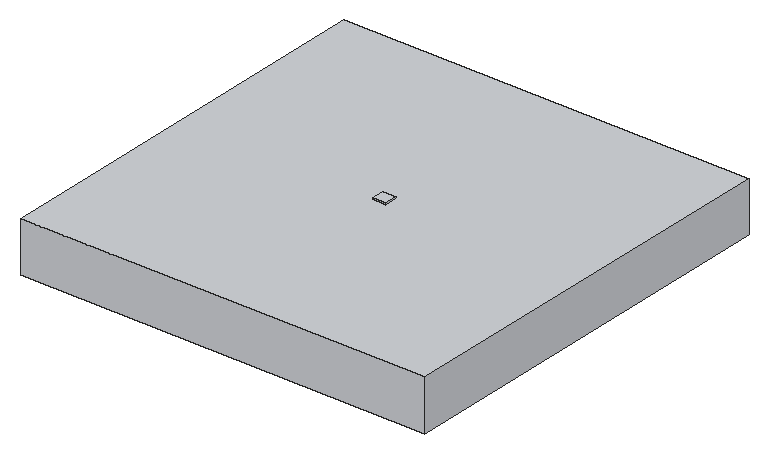
Revit family "XXX_FMI_BMA-Bedienfelder", category Brandmeldegeräte, Revit 2014
Parameters (values of type "Freischaltelement")
  Rechteck = yes
  Material = none
  Default Elevation = 0 mm
  Beschriftung = "FSE"
Types (3, lengths in mm): name | Beschriftung
  Freischaltelement | "FSE"
  Brandmeldezentrale | "BMZ"
  Abgesetztes Anzeigetableau | "BMA"
Reference planes
  plane 1 "Mitte (Vorne/Hinten)": y = 0
  plane 2: z = 0
  plane 3 "Mitte (Links/Rechts)": x = 0
  plane 4: z = 7
  plane 5: z = -65
  plane 6: x = -40
  plane 7: x = 40
  plane 8: y = 40
  plane 9: y = -40
Forms (mm)
  Extrusion 1, solid
    sketch origin (0, 0, 0) x (1, 0, 0) y (0, 1, 0)
      loop
        line (-1219.2, 1219.2) -> (-1219.2, -1219.2) -> (1219.2, -1219.2) -> (1219.2, 1219.2) -> (-1219.2, 1219.2)
    from 0 to -304.8
  Extrusion 2, solid, material <- "Material"
    sketch origin (0, 0, 0) x (1, 0, 0) y (0, 1, 0)
      loop
        line (-40, 40) -> (-40, -40) -> (40, -40) -> (40, 40) -> (-40, 40)
    from 0 to 7
Lines and regions (mm)
  symbolic lines, detail levels fine
    curve 1: line (-40, 0, 7) -> (40, 0, 7)
    curve 2: line (-40, 0, 0) -> (-40, 0, 7)
    curve 3: line (40, 0, 0) -> (-40, 0, 0)
    curve 4: line (40, 0, 7) -> (40, 0, 0)
    curve 5: line (-35, 0, -65) -> (-35, 0, 0)
    curve 6: line (35, 0, -65) -> (-35, 0, -65)
    curve 7: line (35, 0, 0) -> (35, 0, -65)
Dimensions and locks
  locked: plane 4 to plane 2 at 7
  plane 2 to plane 5 = 65 mm
  equal spacing: plane 6, plane 3 "Mitte (Links/Rechts)", plane 7
  plane 6 to plane 7 = 80 mm
  equal spacing: plane 8, plane 1 "Mitte (Vorne/Hinten)", plane 9
  plane 8 to plane 9 = 80 mm
  aligned and locked: plane 2 to Extrusion 1
  aligned and locked: level to Extrusion 1
  aligned and locked: Extrusion 2 sketch curve to plane 8
  aligned and locked: plane 6 to Extrusion 2 sketch curve
  aligned and locked: plane 9 to Extrusion 2 sketch curve
  aligned and locked: Extrusion 2 sketch curve to plane 7
  aligned and locked: Extrusion 2 to plane 2
  aligned and locked: plane 4 to Extrusion 2
  aligned and locked: plane 2 to curve 3
  aligned and locked: curve 1 to plane 4
  aligned and locked: curve 4 to plane 7
  aligned and locked: plane 6 to curve 2
  aligned and locked: plane 2 to curve 7
  aligned and locked: plane 5 to curve 6
Automatic sketch dimensions
  Extrusion 1 sketch curve to Extrusion 1 sketch curve = 2438.4 mm  (x2)
  plane 6 to curve 5 = 5 mm
  curve 7 to plane 7 = 5 mm
Nested families
  nested 1: "BMA Rechteck Beschriftung" at (-0.201, 0, 0), visible <- "Rechteck", type "RJ45-Datendose Beschriftung"
Connectors
  electrical at (0, 0, 0)
    settings: index 1, voltage 0 V, apparent load 0 VA, apparent load phase1 0 VA, apparent load phase2 0 VA, apparent load phase3 0 VA, power factor 1, load classification "Sonstige", number of poles 1, system type 11, power factor state 1, is connector primary yes, connector utility yes, sub classification motor no, connector description ""
Definition of nested family "BMA Rechteck Beschriftung"
  Parameters (values of type "BMA Beschriftung")
    Beschriftung = "RAZ"
  Reference planes
    plane 1: y = 0
    plane 2: x = 0
  Lines and regions (mm)
    detail lines, style "FMI_Brandmeldegeraete"
      curve 1: line (-3.5, -2, 0) -> (3.5, -2, 0)
      curve 2: line (-3.5, 2, 0) -> (-3.5, -2, 0)
      curve 3: line (3.5, 2, 0) -> (-3.5, 2, 0)
      curve 4: line (3.5, -2, 0) -> (3.5, 2, 0)
  Text (mm)
    label "XX" at (0.01, 0, 0), shows "Beschriftung"
